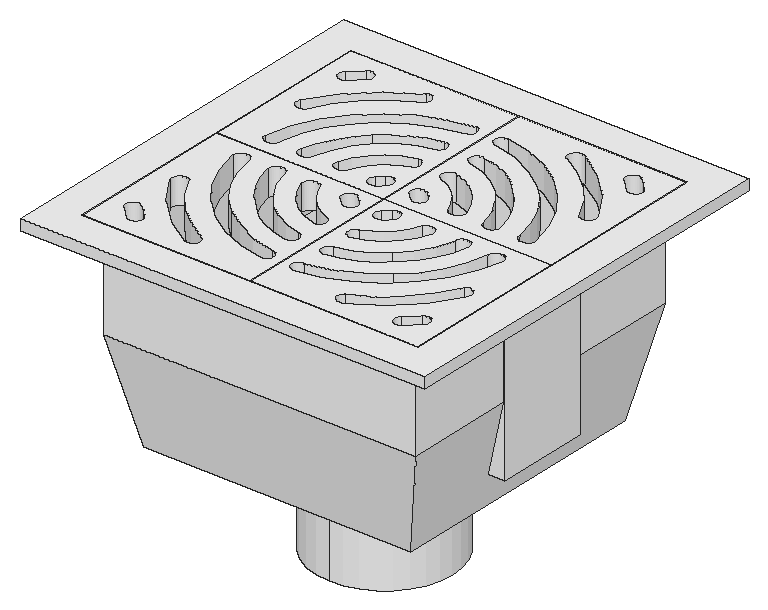
Revit family "FS720-30", category Plumbing Fixtures, host Face, Revit 2026
Family settings
  Host = Face
  Round Connector Dimension = Use Radius
  Part Type = Normal
  Enable Cutting in Views = No
  Cut with Voids When Loaded = No
  Maintain Annotation Orientation = No
  Shared = No
  Room Calculation Point = No
Parameters (values of type "FS724-30_4" Socket")
  WFU = 0
  URL = "WWW.MIFAB.COM"
  Pipe Radius = Pipe Diameter / 2  # 0' - 2"
  Pipe Diameter = 0' - 4"
  Model = "FS720-30"
  Manufacturer = "MIFAB"
  Floor Drain Material = Paint - Sherwin Williams Paint - #952C2A - Bellwood Red
  Description = "12” SQUARE X 6” DEEP PVC FLOOR SINK"
  Default Elevation = 0' - 0"
  CWFU = 0
  Body Height = 0' - 9 1/8"
  Assembly Code = ""
Types (4): name | Pipe Radius | Pipe Diameter
  (no name) | 0' - 2" | 0' - 4"
  FS722-30_2" Socket | 0' - 1" | 0' - 2"
  FS723-30_3" Socket | 0' - 1 1/2" | 0' - 3"
  FS724-30_4" Socket | 0' - 2" | 0' - 4"
Reference planes (in)
  plane 1 "Center (Front/Back)": y = 0
  plane 2: z = 0
  plane 3 "Center (Left/Right)": x = 0
  plane 4: z = -3
  plane 5: z = -2.375
  plane 6: y = -2
  plane 7: y = 2
  plane 8: z = -6
  plane 9: z = -9.125
  plane 10: x = -5.9
  plane 11: x = 5.9
  plane 12: y = 5.9
  plane 13: y = -5.9
  plane 14: x = -4.9
  plane 15: x = 4.9
  plane 16: y = 4.9
  plane 17: y = -4.9
  plane 18: z = -0.3149606
  plane 19: x = -4.4
  plane 20: x = 4.4
  plane 21: y = 4.4
  plane 22: y = -4.4
  plane 23: x = -3.9019734
  plane 24: x = 3.9019734
Forms (in)
  Revolve 1, solid, material "Paint - Sherwin Williams Paint - #952C2A - Bellwood Red" <- "Floor Drain Material"
    sketch origin (0, 0.0439589, -2.375) x (0, 1, 0) y (0, 0, 1)
      loop
        line (-2.0439589, -3.625) -> (-2.0439589, -6.75) -> (-1.8447402, -6.75) -> (-1.8447402, -3.625) -> (-2.0439589, -3.625)
      axis (-0.0439589, -6.75) -> (-0.0439589, -3.625)
    angle from 0 to 360
  Sweep 2, solid, material "Paint - Sherwin Williams Paint - #952C2A - Bellwood Red" <- "Floor Drain Material"
    path origin (0, 0, 0) x (1, 0, 0) y (0, 1, 0)
      loop
        line (4.9, 4.9) -> (-4.9, 4.9) -> (-4.9, -4.9) -> (4.9, -4.9) -> (4.9, 4.9)
    profile origin (4.9, 0, 0) x (1, 0, 0) y (0, 0, 1)
      loop
        line (0, -0.75) -> (-0.5, -0.75) -> (-0.5, -0.9023438) -> (0.1523438, -0.9023438) -> (0.1523438, -0.3149606) -> (0, -0.3149606) -> (0, -0.75)
  Extrusion 3, solid, material "Paint - Sherwin Williams Paint - #952C2A - Bellwood Red" <- "Floor Drain Material"
    sketch origin (0, 0, 0) x (1, 0, 0) y (0, 1, 0)
      loop
        line (-5.9, 5.9) -> (-5.9, -5.9) -> (5.9, -5.9) -> (5.9, 5.9) -> (-5.9, 5.9)
      loop
        line (-4.9, 4.9) -> (-4.9, -4.9) -> (4.9, -4.9) -> (4.9, 4.9) -> (-4.9, 4.9)
    from -0.3149606 to 0
  Sweep 4, solid, material "Paint - Sherwin Williams Paint - #952C2A - Bellwood Red" <- "Floor Drain Material"
    path origin (0, 0, 0) x (1, 0, 0) y (0, 1, 0)
      loop
        line (4.9, 4.9) -> (-4.9, 4.9) -> (-4.9, -4.9) -> (4.9, -4.9) -> (4.9, 4.9)
    profile origin (4.9, 0, 0) x (1, 0, 0) y (0, 0, 1)
      loop
        line (-0.5, -0.9023438) -> (-0.5, -3.13602) -> (-1.0559071, -5.7002842)
        arc (-1.0559071, -5.7002842) -> (-1.188837, -5.9157353) -> (-1.4275606, -6) r 0.3802866
        line (-1.4275606, -6) -> (-1.8477063, -6) -> (-1.8477063, -6.1523438) -> (-0.9980266, -6.1523438) -> (-0.3476562, -3.1523438) -> (-0.3476562, -0.9023438) -> (-0.5, -0.9023438)
  Extrusion 5, solid, material "Paint - Sherwin Williams Paint - #952C2A - Bellwood Red" <- "Floor Drain Material"
    sketch origin (0, 0, 0) x (1, 0, 0) y (0, 1, 0)
      loop
        line (-3.0522937, 3.0522937) -> (-3.0522937, -3.0522937) -> (3.0522937, -3.0522937) -> (3.0522937, 3.0522937) -> (-3.0522937, 3.0522937)
    from -6.1523438 to -6
  Extrusion 6, solid, material "Paint - Sherwin Williams Paint - #952C2A - Bellwood Red" <- "Floor Drain Material"
    sketch origin (0, 0, 0) x (1, 0, 0) y (0, 0, 1)
      loop
        line (4.5523438, -0.9023438) -> (4.5523438, -3.1523438) -> (4.1187635, -5.1523438) -> (4.6142071, -5.1523438) -> (4.6142071, -0.9023438) -> (4.5523438, -0.9023438)
    from -1.3724134 to 1.369582
Cuts and joins
  joined: Sweep 2, Extrusion 3, Sweep 4, Extrusion 5, Extrusion 6
Lines and regions (in)
  model lines, not visible
    curve 1: line (6.7156025, 0, 9.0761085) -> (12.5156025, 0, 9.0761085)
    curve 2: line (12.5156025, 0, 9.0761085) -> (12.5156025, 0, 10.8261085)
    curve 3: line (12.5156025, 0, 10.8261085) -> (6.7156025, 0, 10.8261085)
    curve 4: line (6.7156025, 0, 10.8261085) -> (6.7156025, 0, 9.0761085)
    curve 5: line (7.1316267, 0, 10.8653852) -> (7.1316267, 0, 12.8653852)
    curve 6: line (7.1316267, 0, 12.8653852) -> (15.5316267, 0, 12.8653852)
    curve 7: line (15.5316267, 0, 12.8653852) -> (15.5316267, 0, 10.8653852)
    curve 8: line (11.3316267, 0, 12.8653852) -> (11.3316267, 0, 12.3653852)
    curve 9: line (10.383061, 10.1787948, 0) -> (10.383061, 12.6787948, 0)
    curve 10: line (10.383061, 12.6787948, 0) -> (20.883061, 12.6787948, 0)
    curve 11: line (20.883061, 12.6787948, 0) -> (20.883061, 10.1787948, 0)
    curve 12: line (15.633061, 12.6787948, 0) -> (15.633061, 10.9287948, 0)
Dimensions and locks (in)
  equal spacing: plane 7, plane 1 "Center (Front/Back)", plane 6
  "Pipe Diameter": plane 7 to plane 6
  "Pipe Radius": plane 1 "Center (Front/Back)" to plane 6
  plane 2 to plane 9 = 0' - 9 1/8"
  locked: level to plane 8 at 6
  equal spacing: plane 10, plane 3 "Center (Left/Right)", plane 11
  locked: plane 10 to plane 11 at 11.8
  equal spacing: plane 12, plane 1 "Center (Front/Back)", plane 13
  locked: plane 12 to plane 13 at 11.8
  equal spacing: plane 14, plane 3 "Center (Left/Right)", plane 15
  locked: plane 14 to plane 15 at 9.8
  plane 17 to plane 1 "Center (Front/Back)" to plane 16 = 0' - 4.9", 0' - 4.9"
  locked: plane 17 to plane 16 at 9.8
  locked: plane 2 to plane 18 at 0.3149606
  "Body Height": plane 2 to plane 9
  equal spacing: plane 22, plane 1 "Center (Front/Back)", plane 21
  plane 22 to plane 21 = 0' - 8.8"
  equal spacing: plane 19, plane 3 "Center (Left/Right)", plane 20
  plane 19 to plane 20 = 0' - 8.8"
  host face to plane 8 = 0' - 6"
  equal spacing: plane 24, plane 3 "Center (Left/Right)", plane 23
  plane 24 to plane 23 = 0' - 7.80395"
  aligned and locked: plane 2 to host face
  aligned and locked: level to host face
  aligned and locked: Revolve 1 sketch curve to plane 9
  aligned and locked: Revolve 1 sketch curve to plane 8
  aligned and locked: plane 12 to Extrusion 3 sketch curve
  aligned and locked: plane 10 to Extrusion 3 sketch curve
  aligned and locked: plane 13 to Extrusion 3 sketch curve
  aligned and locked: plane 11 to Extrusion 3 sketch curve
  aligned and locked: Extrusion 3 sketch curve to plane 16
  aligned and locked: plane 14 to Extrusion 3 sketch curve
  aligned and locked: Extrusion 3 sketch curve to plane 17
  aligned and locked: plane 15 to Extrusion 3 sketch curve
  aligned and locked: Extrusion 3 to plane 18
  aligned and locked: level to Extrusion 3
  aligned and locked: plane 15 to Sweep 2 sketch curve
  aligned and locked: Sweep 2 sketch curve to plane 16
  aligned and locked: Sweep 2 sketch curve to plane 14
  aligned and locked: plane 17 to Sweep 2 sketch curve
  aligned and locked: Extrusion 3 to Sweep 2 sketch curve
  aligned and locked: Sweep 2 sketch curve to plane 20
  aligned and locked: plane 15 to Sweep 4 sketch curve
  aligned and locked: Sweep 4 sketch curve to plane 16
  aligned and locked: Sweep 4 sketch curve to plane 14
  aligned and locked: plane 17 to Sweep 4 sketch curve
  aligned and locked: Sweep 4 sketch curve to plane 8
  aligned and locked: Extrusion 5 sketch curve to Sweep 4  (x4)
  aligned and locked: Sweep 4 to Extrusion 5
  aligned and locked: Extrusion 5 to Revolve 1
  aligned and locked: cut or joined group of Sweep 2, Extrusion 3, Sweep 4, Extrusion 5, Extrusion 6 to Extrusion 6 sketch curve
  aligned and locked: Extrusion 6 sketch curve to cut or joined group of Sweep 2, Extrusion 3, Sweep 4, Extrusion 5, Extrusion 6
  aligned and locked: plane 1 "Center (Front/Back)" to nested 1
  aligned and locked: plane 3 "Center (Left/Right)" to nested 1
  aligned and locked: level to cut or joined group of Sweep 2, Extrusion 3, Sweep 4, Extrusion 5, Extrusion 6
Automatic sketch dimensions
  curve 5 to curve 7 = 0' - 8.4"
  curve 5 to curve 8 = 0' - 4.2"
  curve 5 to curve 5 = 0' - 2"
  curve 7 to curve 6 = 0' - 2"
  curve 8 to curve 8 = 0' - 0 1/2"
  host sketch curve to host sketch curve = 8' - 0"  (x2)
  Revolve 1 sketch curve to plane 6 = 0' - 0"
  Revolve 1 sketch curve to plane 1 "Center (Front/Back)" = 0' - 0"
  Revolve 1 sketch curve to plane 6 = 0' - 0 51/256"
  plane 9 to Revolve 1 sketch curve = 0' - 0 1/8"
  Revolve 1 sketch curve to plane 8 = 0' - 1 1/4"
  profile plane to Sweep 2 sketch curve = 0' - 0"
  Sweep 2 sketch curve to profile plane = 0' - 0 39/256"
  Sweep 2 sketch curve to Sweep 2 sketch curve = 0' - 0.43504"
  Sweep 2 sketch curve to Sweep 2 sketch curve = 0' - 0 39/256"
  profile plane to Sweep 4 sketch curve = 0' - 1.84771"
  Sweep 4 sketch curve to Sweep 4 sketch curve = 0' - 0.42015"
  Sweep 4 sketch curve to Sweep 4 sketch curve = 0' - 0.37165"
  Sweep 4 sketch curve to Sweep 4 sketch curve = 0' - 0.42953"
  profile plane to Sweep 4 sketch curve = 0' - 0 1/2"
  Sweep 4 sketch curve to Sweep 4 sketch curve = 0' - 0 39/256"  (x2)
  Sweep 4 sketch curve to Sweep 4 sketch curve = 0' - 0.45206"
  Sweep 4 sketch curve to Sweep 4 sketch curve = 0' - 2.54794"
  Sweep 4 sketch curve to Sweep 4 sketch curve = 0' - 0.01632"
  Sweep 4 sketch curve to level = 0' - 0 231/256"
  plane 24 to Extrusion 6 sketch curve = 0' - 0.21679"
  plane 20 to Extrusion 6 sketch curve = 0' - 0.21421"
  Extrusion 6 sketch curve to plane 18 = 0' - 0.58738"
Nested families (in)
  nested 1: "Jali-1" at (0, 0, 0), type "Jali-1"
Connectors (in)
  piping at (0, 0, -9.125), diameter 4, driven by "Pipe Radius", driven by "WFU"
    settings: on Revolve 1, index 2, connector inside diameter 2", connector length 0' - 0", flow factor 0, pipe flow 0 GPM, pressure drop 0.00 psi, fitting loss kfactor 0, connector angle 0.00°, fixture units 0, engagement length 0' - 0", angle of deflection 0.00°, flow configuration 3, flow direction 2, fitting loss method 0, system type 16, joint type 0, gender type 0, connector reference index -1, connector utility 0, adjustable connector no, is connector primary yes, connector description "Sanitary Out"
Definition of nested family "Jali-1"
  Parameters (values of type "Jali-1")
    Material = none
    Floor Drain Material = none
    Default Elevation = 0' - 0"
  Reference planes (in)
    plane 1 "Center (Front/Back)": y = 0
    plane 2: z = 0
    plane 3 "Center (Left/Right)": x = 0
  Forms (in)
    Extrusion 1, solid, material <- "Floor Drain Material"
      sketch origin (0, 0, 0) x (1, 0, 0) y (0, 1, 0)
        loop
          line (0, 4.9) -> (0, 0) -> (4.9, 0) -> (4.9, 4.9) -> (0, 4.9)
        loop
          arc (4.0724491, 3.7314976) -> (4.3752362, 3.7314976) -> (4.3752362, 4.0342847) r 0.2141028
          line (4.3752362, 4.0342847) -> (4.0411452, 4.3683756)
          arc (4.0411452, 4.3683756) -> (3.7383582, 4.3683756) -> (3.7383582, 4.0655886) r 0.2141028
          line (3.7383582, 4.0655886) -> (4.0724491, 3.7314976)
        loop
          arc (2.3206148, 4.4) -> (2.0354851, 4.3224098) -> (2.0854195, 4.0311612) r 0.2197323
          arc (2.0854195, 4.0311612) -> (3.2075416, 3.2298868) -> (3.9995285, 2.1011905) r 4.0888899
          arc (3.9995285, 2.1011905) -> (4.2869911, 2.089499) -> (4.3505165, 2.3700983) r 0.2247915
          arc (4.3505165, 2.3700983) -> (3.4960449, 3.5455284) -> (2.3206148, 4.4) r 4.6524334
        loop
          arc (0.46389, 3.9098956) -> (0.2567624, 3.702768) -> (0.46389, 3.4956404) r 0.2071276
          arc (0.46389, 3.4956404) -> (1.4741292, 3.1793868) -> (2.364669, 2.607077) r 3.964575
          arc (2.364669, 2.607077) -> (3.1077657, 1.6992261) -> (3.484031, 0.588006) r 3.2815365
          arc (3.484031, 0.588006) -> (3.7168165, 0.3552205) -> (3.949602, 0.588006) r 0.2327855
          arc (3.949602, 0.588006) -> (2.7657203, 2.8354915) -> (0.46389, 3.9098956) r 3.9820297
        loop
          arc (2.9277618, 0.5975919) -> (2.6183464, 1.4271628) -> (2.0670333, 2.1199684) r 2.8210589
          arc (2.0670333, 2.1199684) -> (1.3929753, 2.6412023) -> (0.5839244, 2.9085514) r 2.5249821
          arc (0.5839244, 2.9085514) -> (0.3363269, 2.7258203) -> (0.5190579, 2.4782228) r 0.217595
          arc (0.5190579, 2.4782228) -> (1.1714894, 2.2612194) -> (1.7305385, 1.8609427) r 2.2983693
          arc (1.7305385, 1.8609427) -> (2.2056296, 1.2394929) -> (2.4808889, 0.5072746) r 2.6782002
          arc (2.4808889, 0.5072746) -> (2.749484, 0.3289968) -> (2.9277618, 0.5975919) r 0.2279543
        loop
          arc (1.8985114, 0.6630101) -> (1.3910759, 1.4658976) -> (0.5547473, 1.9160904) r 1.8706495
          arc (0.5547473, 1.9160904) -> (0.3158213, 1.7520977) -> (0.4534823, 1.4970904) r 0.2167603
          arc (0.4534823, 1.4970904) -> (1.0820738, 1.0990199) -> (1.4801442, 0.4704284) r 1.6980895
          arc (1.4801442, 0.4704284) -> (1.7743233, 0.3820738) -> (1.8985114, 0.6630101) r 0.2320767
        loop
          arc (0.4808938, 0.3364358) -> (0.7836809, 0.3364358) -> (0.7836809, 0.6392228) r 0.2141028
          line (0.7836809, 0.6392228) -> (0.6163236, 0.8065801)
          arc (0.6163236, 0.8065801) -> (0.3135365, 0.8065801) -> (0.3135365, 0.5037931) r 0.2141028
          line (0.3135365, 0.5037931) -> (0.4808938, 0.3364358)
      from -0.75 to 0
    Extrusion 2, solid, material <- "Floor Drain Material"
      sketch origin (0, 0, 0) x (1, 0, 0) y (0, 1, 0)
        loop
          line (0, -4.9) -> (4.9, -4.9) -> (4.9, 0) -> (0, 0) -> (0, -4.9)
        loop
          line (4.0724491, -3.7314976) -> (3.7383582, -4.0655886)
          arc (3.7383582, -4.0655886) -> (3.7383582, -4.3683756) -> (4.0411452, -4.3683756) r 0.2141028
          line (4.0411452, -4.3683756) -> (4.3752362, -4.0342847)
          arc (4.3752362, -4.0342847) -> (4.3752362, -3.7314976) -> (4.0724491, -3.7314976) r 0.2141028
        loop
          arc (2.3206148, -4.4) -> (3.4960449, -3.5455284) -> (4.3505165, -2.3700983) r 4.6524334
          arc (4.3505165, -2.3700983) -> (4.2869911, -2.089499) -> (3.9995285, -2.1011905) r 0.2247915
          arc (3.9995285, -2.1011905) -> (3.2075416, -3.2298868) -> (2.0854195, -4.0311612) r 4.0888899
          arc (2.0854195, -4.0311612) -> (2.0354851, -4.3224098) -> (2.3206148, -4.4) r 0.2197323
        loop
          arc (0.46389, -3.9098956) -> (2.7657203, -2.8354915) -> (3.949602, -0.588006) r 3.9820297
          arc (3.949602, -0.588006) -> (3.7168165, -0.3552205) -> (3.484031, -0.588006) r 0.2327855
          arc (3.484031, -0.588006) -> (3.1077657, -1.6992261) -> (2.364669, -2.607077) r 3.2815365
          arc (2.364669, -2.607077) -> (1.4741292, -3.1793868) -> (0.46389, -3.4956404) r 3.964575
          arc (0.46389, -3.4956404) -> (0.2567624, -3.702768) -> (0.46389, -3.9098956) r 0.2071276
        loop
          arc (2.9277618, -0.5975919) -> (2.749484, -0.3289968) -> (2.4808889, -0.5072746) r 0.2279543
          arc (2.4808889, -0.5072746) -> (2.2056296, -1.2394929) -> (1.7305385, -1.8609427) r 2.6782002
          arc (1.7305385, -1.8609427) -> (1.1714894, -2.2612194) -> (0.5190579, -2.4782228) r 2.2983693
          arc (0.5190579, -2.4782228) -> (0.3363269, -2.7258203) -> (0.5839244, -2.9085514) r 0.217595
          arc (0.5839244, -2.9085514) -> (1.3929753, -2.6412023) -> (2.0670333, -2.1199684) r 2.5249821
          arc (2.0670333, -2.1199684) -> (2.6183464, -1.4271628) -> (2.9277618, -0.5975919) r 2.8210589
        loop
          arc (1.8985114, -0.6630101) -> (1.7743233, -0.3820738) -> (1.4801442, -0.4704284) r 0.2320767
          arc (1.4801442, -0.4704284) -> (1.0820738, -1.0990199) -> (0.4534823, -1.4970904) r 1.6980895
          arc (0.4534823, -1.4970904) -> (0.3158213, -1.7520977) -> (0.5547473, -1.9160904) r 0.2167603
          arc (0.5547473, -1.9160904) -> (1.3910759, -1.4658976) -> (1.8985114, -0.6630101) r 1.8706495
        loop
          line (0.4808938, -0.3364358) -> (0.3135365, -0.5037931)
          arc (0.3135365, -0.5037931) -> (0.3135365, -0.8065801) -> (0.6163236, -0.8065801) r 0.2141028
          line (0.6163236, -0.8065801) -> (0.7836809, -0.6392228)
          arc (0.7836809, -0.6392228) -> (0.7836809, -0.3364358) -> (0.4808938, -0.3364358) r 0.2141028
      from -0.75 to 0
    Extrusion 3, solid, material <- "Floor Drain Material"
      sketch origin (0, 0, 0) x (-1, 0, 0) y (0, -1, 0)
        loop
          line (0, -4.9) -> (4.9, -4.9) -> (4.9, 0) -> (0, 0) -> (0, -4.9)
        loop
          line (4.0724491, -3.7314976) -> (3.7383582, -4.0655886)
          arc (3.7383582, -4.0655886) -> (3.7383582, -4.3683756) -> (4.0411452, -4.3683756) r 0.2141028
          line (4.0411452, -4.3683756) -> (4.3752362, -4.0342847)
          arc (4.3752362, -4.0342847) -> (4.3752362, -3.7314976) -> (4.0724491, -3.7314976) r 0.2141028
        loop
          arc (2.3206148, -4.4) -> (3.4960449, -3.5455284) -> (4.3505165, -2.3700983) r 4.6524334
          arc (4.3505165, -2.3700983) -> (4.2869911, -2.089499) -> (3.9995285, -2.1011905) r 0.2247915
          arc (3.9995285, -2.1011905) -> (3.2075416, -3.2298868) -> (2.0854195, -4.0311612) r 4.0888899
          arc (2.0854195, -4.0311612) -> (2.0354851, -4.3224098) -> (2.3206148, -4.4) r 0.2197323
        loop
          arc (0.46389, -3.9098956) -> (2.7657203, -2.8354915) -> (3.949602, -0.588006) r 3.9820297
          arc (3.949602, -0.588006) -> (3.7168165, -0.3552205) -> (3.484031, -0.588006) r 0.2327855
          arc (3.484031, -0.588006) -> (3.1077657, -1.6992261) -> (2.364669, -2.607077) r 3.2815365
          arc (2.364669, -2.607077) -> (1.4741292, -3.1793868) -> (0.46389, -3.4956404) r 3.964575
          arc (0.46389, -3.4956404) -> (0.2567624, -3.702768) -> (0.46389, -3.9098956) r 0.2071276
        loop
          arc (2.9277618, -0.5975919) -> (2.749484, -0.3289968) -> (2.4808889, -0.5072746) r 0.2279543
          arc (2.4808889, -0.5072746) -> (2.2056296, -1.2394929) -> (1.7305385, -1.8609427) r 2.6782002
          arc (1.7305385, -1.8609427) -> (1.1714894, -2.2612194) -> (0.5190579, -2.4782228) r 2.2983693
          arc (0.5190579, -2.4782228) -> (0.3363269, -2.7258203) -> (0.5839244, -2.9085514) r 0.217595
          arc (0.5839244, -2.9085514) -> (1.3929753, -2.6412023) -> (2.0670333, -2.1199684) r 2.5249821
          arc (2.0670333, -2.1199684) -> (2.6183464, -1.4271628) -> (2.9277618, -0.5975919) r 2.8210589
        loop
          arc (1.8985114, -0.6630101) -> (1.7743233, -0.3820738) -> (1.4801442, -0.4704284) r 0.2320767
          arc (1.4801442, -0.4704284) -> (1.0820738, -1.0990199) -> (0.4534823, -1.4970904) r 1.6980895
          arc (0.4534823, -1.4970904) -> (0.3158213, -1.7520977) -> (0.5547473, -1.9160904) r 0.2167603
          arc (0.5547473, -1.9160904) -> (1.3910759, -1.4658976) -> (1.8985114, -0.6630101) r 1.8706495
        loop
          line (0.4808938, -0.3364358) -> (0.3135365, -0.5037931)
          arc (0.3135365, -0.5037931) -> (0.3135365, -0.8065801) -> (0.6163236, -0.8065801) r 0.2141028
          line (0.6163236, -0.8065801) -> (0.7836809, -0.6392228)
          arc (0.7836809, -0.6392228) -> (0.7836809, -0.3364358) -> (0.4808938, -0.3364358) r 0.2141028
      from -0.75 to 0
    Extrusion 4, solid, material <- "Floor Drain Material"
      sketch origin (0, 0, 0) x (-1, 0, 0) y (0, -1, 0)
        loop
          line (0, 4.9) -> (0, 0) -> (4.9, 0) -> (4.9, 4.9) -> (0, 4.9)
        loop
          arc (4.0724491, 3.7314976) -> (4.3752362, 3.7314976) -> (4.3752362, 4.0342847) r 0.2141028
          line (4.3752362, 4.0342847) -> (4.0411452, 4.3683756)
          arc (4.0411452, 4.3683756) -> (3.7383582, 4.3683756) -> (3.7383582, 4.0655886) r 0.2141028
          line (3.7383582, 4.0655886) -> (4.0724491, 3.7314976)
        loop
          arc (2.3206148, 4.4) -> (2.0354851, 4.3224098) -> (2.0854195, 4.0311612) r 0.2197323
          arc (2.0854195, 4.0311612) -> (3.2075416, 3.2298868) -> (3.9995285, 2.1011905) r 4.0888899
          arc (3.9995285, 2.1011905) -> (4.2869911, 2.089499) -> (4.3505165, 2.3700983) r 0.2247915
          arc (4.3505165, 2.3700983) -> (3.4960449, 3.5455284) -> (2.3206148, 4.4) r 4.6524334
        loop
          arc (0.46389, 3.9098956) -> (0.2567624, 3.702768) -> (0.46389, 3.4956404) r 0.2071276
          arc (0.46389, 3.4956404) -> (1.4741292, 3.1793868) -> (2.364669, 2.607077) r 3.964575
          arc (2.364669, 2.607077) -> (3.1077657, 1.6992261) -> (3.484031, 0.588006) r 3.2815365
          arc (3.484031, 0.588006) -> (3.7168165, 0.3552205) -> (3.949602, 0.588006) r 0.2327855
          arc (3.949602, 0.588006) -> (2.7657203, 2.8354915) -> (0.46389, 3.9098956) r 3.9820297
        loop
          arc (2.9277618, 0.5975919) -> (2.6183464, 1.4271628) -> (2.0670333, 2.1199684) r 2.8210589
          arc (2.0670333, 2.1199684) -> (1.3929753, 2.6412023) -> (0.5839244, 2.9085514) r 2.5249821
          arc (0.5839244, 2.9085514) -> (0.3363269, 2.7258203) -> (0.5190579, 2.4782228) r 0.217595
          arc (0.5190579, 2.4782228) -> (1.1714894, 2.2612194) -> (1.7305385, 1.8609427) r 2.2983693
          arc (1.7305385, 1.8609427) -> (2.2056296, 1.2394929) -> (2.4808889, 0.5072746) r 2.6782002
          arc (2.4808889, 0.5072746) -> (2.749484, 0.3289968) -> (2.9277618, 0.5975919) r 0.2279543
        loop
          arc (1.8985114, 0.6630101) -> (1.3910759, 1.4658976) -> (0.5547473, 1.9160904) r 1.8706495
          arc (0.5547473, 1.9160904) -> (0.3158213, 1.7520977) -> (0.4534823, 1.4970904) r 0.2167603
          arc (0.4534823, 1.4970904) -> (1.0820738, 1.0990199) -> (1.4801442, 0.4704284) r 1.6980895
          arc (1.4801442, 0.4704284) -> (1.7743233, 0.3820738) -> (1.8985114, 0.6630101) r 0.2320767
        loop
          arc (0.4808938, 0.3364358) -> (0.7836809, 0.3364358) -> (0.7836809, 0.6392228) r 0.2141028
          line (0.7836809, 0.6392228) -> (0.6163236, 0.8065801)
          arc (0.6163236, 0.8065801) -> (0.3135365, 0.8065801) -> (0.3135365, 0.5037931) r 0.2141028
          line (0.3135365, 0.5037931) -> (0.4808938, 0.3364358)
      from -0.75 to 0
  Dimensions and locks (in)
    aligned and locked: level to plane 2
